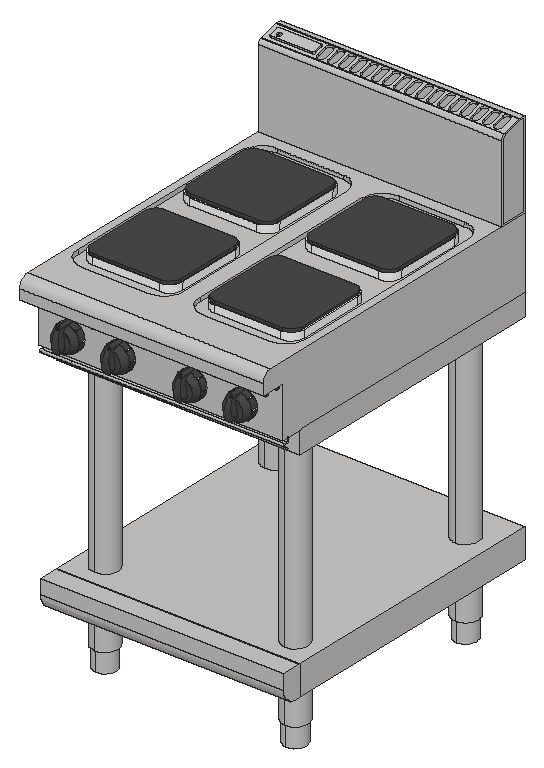
Revit family "QF_Moffat_RN8400SE-LS_Electric_Cooktops_Sealed_Hobs_cat", category Specialty Equipment, Revit 2019 (continued)
Definition of nested family "High and Low Option"
  Lines and regions (mm)
    symbolic lines
      curve 27: spline (265.709, -25.991, 0) -> (266.049, -23.491, 0) -> (267.048, -21.162, 0) -> (268.637, -19.161, 0) -> (270.709, -17.626, 0) -> (273.12, -16.661, 0) -> (275.709, -16.332, 0) -> (278.297, -16.661, 0) -> (280.709, -17.626, 0) -> (282.78, -19.161, 0) -> (284.369, -21.162, 0) -> (285.368, -23.491, 0) -> (285.709, -25.991, 0)
      curve 28: line (285.709, -25.991, 0) -> (285.709, -50.251, 0)
      curve 29: spline (285.709, -50.251, 0) -> (285.368, -52.751, 0) -> (284.369, -55.081, 0) -> (282.78, -57.081, 0) -> (280.709, -58.616, 0) -> (278.297, -59.581, 0) -> (275.709, -59.91, 0) -> (273.12, -59.581, 0) -> (270.709, -58.616, 0) -> (268.637, -57.081, 0) -> (267.048, -55.081, 0) -> (266.049, -52.751, 0) -> (265.709, -50.251, 0)
      curve 30: line (292.989, -50.251, 0) -> (292.989, -25.991, 0)
      curve 31: spline (292.989, -25.991, 0) -> (293.329, -23.491, 0) -> (294.329, -21.162, 0) -> (295.918, -19.161, 0) -> (297.989, -17.626, 0) -> (300.401, -16.661, 0) -> (302.989, -16.332, 0) -> (305.577, -16.661, 0) -> (307.989, -17.626, 0) -> (310.06, -19.161, 0) -> (311.649, -21.162, 0) -> (312.648, -23.491, 0) -> (312.989, -25.991, 0)
      curve 32: line (312.989, -25.991, 0) -> (312.989, -50.251, 0)
      curve 33: spline (312.989, -50.251, 0) -> (312.648, -52.751, 0) -> (311.649, -55.081, 0) -> (310.06, -57.081, 0) -> (307.989, -58.616, 0) -> (305.577, -59.581, 0) -> (302.989, -59.91, 0) -> (300.401, -59.581, 0) -> (297.989, -58.616, 0) -> (295.918, -57.081, 0) -> (294.329, -55.081, 0) -> (293.329, -52.751, 0) -> (292.989, -50.251, 0)
      curve 34: line (320.269, -50.251, 0) -> (320.269, -25.991, 0)
      curve 35: spline (320.269, -25.991, 0) -> (320.61, -23.491, 0) -> (321.609, -21.162, 0) -> (323.198, -19.161, 0) -> (325.269, -17.626, 0) -> (327.681, -16.661, 0) -> (330.269, -16.332, 0) -> (332.857, -16.661, 0) -> (335.269, -17.626, 0) -> (337.34, -19.161, 0) -> (338.929, -21.162, 0) -> (339.928, -23.491, 0) -> (340.269, -25.991, 0)
      curve 36: line (340.269, -25.991, 0) -> (340.269, -50.251, 0)
      curve 37: spline (340.269, -50.251, 0) -> (339.928, -52.751, 0) -> (338.929, -55.081, 0) -> (337.34, -57.081, 0) -> (335.269, -58.616, 0) -> (332.857, -59.581, 0) -> (330.269, -59.91, 0) -> (327.681, -59.581, 0) -> (325.269, -58.616, 0) -> (323.198, -57.081, 0) -> (321.609, -55.081, 0) -> (320.61, -52.751, 0) -> (320.269, -50.251, 0)
      curve 38: line (347.549, -50.251, 0) -> (347.549, -25.991, 0)
      curve 39: spline (347.549, -25.991, 0) -> (347.89, -23.491, 0) -> (348.889, -21.162, 0) -> (350.478, -19.161, 0) -> (352.549, -17.626, 0) -> (354.961, -16.661, 0) -> (357.549, -16.332, 0) -> (360.137, -16.661, 0) -> (362.549, -17.626, 0) -> (364.62, -19.161, 0) -> (366.209, -21.162, 0) -> (367.208, -23.491, 0) -> (367.549, -25.991, 0)
      curve 40: line (367.549, -25.991, 0) -> (367.549, -50.251, 0)
      curve 41: spline (367.549, -50.251, 0) -> (367.208, -52.751, 0) -> (366.209, -55.081, 0) -> (364.62, -57.081, 0) -> (362.549, -58.616, 0) -> (360.137, -59.581, 0) -> (357.549, -59.91, 0) -> (354.961, -59.581, 0) -> (352.549, -58.616, 0) -> (350.478, -57.081, 0) -> (348.889, -55.081, 0) -> (347.89, -52.751, 0) -> (347.549, -50.251, 0)
      curve 42: line (374.829, -50.251, 0) -> (374.829, -25.991, 0)
      curve 43: spline (374.829, -25.991, 0) -> (375.17, -23.491, 0) -> (376.169, -21.162, 0) -> (377.758, -19.161, 0) -> (379.829, -17.626, 0) -> (382.241, -16.661, 0) -> (384.829, -16.332, 0) -> (387.418, -16.661, 0) -> (389.829, -17.626, 0) -> (391.9, -19.161, 0) -> (393.49, -21.162, 0) -> (394.489, -23.491, 0) -> (394.829, -25.991, 0)
      curve 44: line (394.829, -25.991, 0) -> (394.829, -50.251, 0)
      curve 45: spline (394.829, -50.251, 0) -> (394.489, -52.751, 0) -> (393.49, -55.081, 0) -> (391.9, -57.081, 0) -> (389.829, -58.616, 0) -> (387.418, -59.581, 0) -> (384.829, -59.91, 0) -> (382.241, -59.581, 0) -> (379.829, -58.616, 0) -> (377.758, -57.081, 0) -> (376.169, -55.081, 0) -> (375.17, -52.751, 0) -> (374.829, -50.251, 0)
      curve 46: line (402.11, -50.251, 0) -> (402.11, -25.991, 0)
      curve 47: spline (402.11, -25.991, 0) -> (402.45, -23.491, 0) -> (403.449, -21.162, 0) -> (405.039, -19.161, 0) -> (407.11, -17.626, 0) -> (409.521, -16.661, 0) -> (412.11, -16.332, 0) -> (414.698, -16.661, 0) -> (417.11, -17.626, 0) -> (419.181, -19.161, 0) -> (420.77, -21.162, 0) -> (421.769, -23.491, 0) -> (422.11, -25.991, 0)
      curve 48: line (422.11, -25.991, 0) -> (422.11, -50.251, 0)
      curve 49: spline (422.11, -50.251, 0) -> (421.769, -52.751, 0) -> (420.77, -55.081, 0) -> (419.181, -57.081, 0) -> (417.11, -58.616, 0) -> (414.698, -59.581, 0) -> (412.11, -59.91, 0) -> (409.521, -59.581, 0) -> (407.11, -58.616, 0) -> (405.039, -57.081, 0) -> (403.449, -55.081, 0) -> (402.45, -52.751, 0) -> (402.11, -50.251, 0)
      curve 50: line (429.39, -50.251, 0) -> (429.39, -25.991, 0)
      curve 51: spline (429.39, -25.991, 0) -> (429.731, -23.491, 0) -> (430.73, -21.162, 0) -> (432.319, -19.161, 0) -> (434.39, -17.626, 0) -> (436.802, -16.661, 0) -> (439.39, -16.332, 0) -> (441.978, -16.661, 0) -> (444.39, -17.626, 0) -> (446.461, -19.161, 0) -> (448.05, -21.162, 0) -> (449.049, -23.491, 0) -> (449.39, -25.991, 0)
      curve 52: line (449.39, -25.991, 0) -> (449.39, -50.251, 0)
      curve 53: spline (449.39, -50.251, 0) -> (449.049, -52.751, 0) -> (448.05, -55.081, 0) -> (446.461, -57.081, 0) -> (444.39, -58.616, 0) -> (441.978, -59.581, 0) -> (439.39, -59.91, 0) -> (436.802, -59.581, 0) -> (434.39, -58.616, 0) -> (432.319, -57.081, 0) -> (430.73, -55.081, 0) -> (429.731, -52.751, 0) -> (429.39, -50.251, 0)
      curve 54: line (456.67, -50.251, 0) -> (456.67, -25.991, 0)
      curve 55: spline (456.67, -25.991, 0) -> (457.011, -23.491, 0) -> (458.01, -21.162, 0) -> (459.599, -19.161, 0) -> (461.67, -17.626, 0) -> (464.082, -16.661, 0) -> (466.67, -16.332, 0) -> (469.258, -16.661, 0) -> (471.67, -17.626, 0) -> (473.741, -19.161, 0) -> (475.33, -21.162, 0) -> (476.329, -23.491, 0) -> (476.67, -25.991, 0)
      curve 56: line (476.67, -25.991, 0) -> (476.67, -50.251, 0)
      curve 57: spline (476.67, -50.251, 0) -> (476.329, -52.751, 0) -> (475.33, -55.081, 0) -> (473.741, -57.081, 0) -> (471.67, -58.616, 0) -> (469.258, -59.581, 0) -> (466.67, -59.91, 0) -> (464.082, -59.581, 0) -> (461.67, -58.616, 0) -> (459.599, -57.081, 0) -> (458.01, -55.081, 0) -> (457.011, -52.751, 0) -> (456.67, -50.251, 0)
      curve 58: line (483.95, -50.251, 0) -> (483.95, -25.991, 0)
      curve 59: spline (483.95, -25.991, 0) -> (484.291, -23.491, 0) -> (485.29, -21.162, 0) -> (486.879, -19.161, 0) -> (488.95, -17.626, 0) -> (491.362, -16.661, 0) -> (493.95, -16.332, 0) -> (496.538, -16.661, 0) -> (498.95, -17.626, 0) -> (501.021, -19.161, 0) -> (502.61, -21.162, 0) -> (503.609, -23.491, 0) -> (503.95, -25.991, 0)
      curve 60: line (503.95, -25.991, 0) -> (503.95, -50.251, 0)
      curve 61: spline (503.95, -50.251, 0) -> (503.609, -52.751, 0) -> (502.61, -55.081, 0) -> (501.021, -57.081, 0) -> (498.95, -58.616, 0) -> (496.538, -59.581, 0) -> (493.95, -59.91, 0) -> (491.362, -59.581, 0) -> (488.95, -58.616, 0) -> (486.879, -57.081, 0) -> (485.29, -55.081, 0) -> (484.291, -52.751, 0) -> (483.95, -50.251, 0)
      curve 62: line (511.23, -50.251, 0) -> (511.23, -25.991, 0)
      curve 63: spline (511.23, -25.991, 0) -> (511.571, -23.491, 0) -> (512.57, -21.162, 0) -> (514.159, -19.161, 0) -> (516.23, -17.626, 0) -> (518.642, -16.661, 0) -> (521.23, -16.332, 0) -> (523.819, -16.661, 0) -> (526.23, -17.626, 0) -> (528.302, -19.161, 0) -> (529.891, -21.162, 0) -> (530.89, -23.491, 0) -> (531.23, -25.991, 0)
      curve 64: line (531.23, -25.991, 0) -> (531.23, -50.251, 0)
      curve 65: spline (531.23, -50.251, 0) -> (530.89, -52.751, 0) -> (529.891, -55.081, 0) -> (528.302, -57.081, 0) -> (526.23, -58.616, 0) -> (523.819, -59.581, 0) -> (521.23, -59.91, 0) -> (518.642, -59.581, 0) -> (516.23, -58.616, 0) -> (514.159, -57.081, 0) -> (512.57, -55.081, 0) -> (511.571, -52.751, 0) -> (511.23, -50.251, 0)
      curve 66: line (538.511, -50.251, 0) -> (538.511, -25.991, 0)
      curve 67: spline (538.511, -25.991, 0) -> (538.851, -23.491, 0) -> (539.85, -21.162, 0) -> (541.44, -19.161, 0) -> (543.511, -17.626, 0) -> (545.922, -16.661, 0) -> (548.511, -16.332, 0) -> (551.099, -16.661, 0) -> (553.511, -17.626, 0) -> (555.582, -19.161, 0) -> (557.171, -21.162, 0) -> (558.17, -23.491, 0) -> (558.511, -25.991, 0)
      curve 68: line (558.511, -25.991, 0) -> (558.511, -50.251, 0)
      curve 69: spline (558.511, -50.251, 0) -> (558.17, -52.751, 0) -> (557.171, -55.081, 0) -> (555.582, -57.081, 0) -> (553.511, -58.616, 0) -> (551.099, -59.581, 0) -> (548.511, -59.91, 0) -> (545.922, -59.581, 0) -> (543.511, -58.616, 0) -> (541.44, -57.081, 0) -> (539.85, -55.081, 0) -> (538.851, -52.751, 0) -> (538.511, -50.251, 0)
      curve 70: line (565.791, -50.251, 0) -> (565.791, -25.991, 0)
      curve 71: spline (565.791, -25.991, 0) -> (566.132, -23.491, 0) -> (567.131, -21.162, 0) -> (568.72, -19.161, 0) -> (570.791, -17.626, 0) -> (573.203, -16.661, 0) -> (575.791, -16.332, 0) -> (578.379, -16.661, 0) -> (580.791, -17.626, 0) -> (582.862, -19.161, 0) -> (584.451, -21.162, 0) -> (585.45, -23.491, 0) -> (585.791, -25.991, 0)
      curve 72: line (585.791, -25.991, 0) -> (585.791, -50.251, 0)
      curve 73: spline (585.791, -50.251, 0) -> (585.45, -52.751, 0) -> (584.451, -55.081, 0) -> (582.862, -57.081, 0) -> (580.791, -58.616, 0) -> (578.379, -59.581, 0) -> (575.791, -59.91, 0) -> (573.203, -59.581, 0) -> (570.791, -58.616, 0) -> (568.72, -57.081, 0) -> (567.131, -55.081, 0) -> (566.132, -52.751, 0) -> (565.791, -50.251, 0)
      curve 146: line (0, 0, 0) -> (600, 0, 0)
      curve 147: line (0, -70, 0) -> (0, 0, 0)
      curve 148: line (600, -70, 0) -> (0, -70, 0)
      curve 149: line (600, 0, 0) -> (600, -70, 0)
    symbolic lines, not visible
      curve 74: line (0, 0, 0) -> (600, 0, 0)
      curve 75: line (0, -70, 0) -> (0, 0, 0)
      curve 76: line (600, -70, 0) -> (0, -70, 0)
      curve 77: line (600, 0, 0) -> (600, -70, 0)
      curve 78: line (129.307, -50.251, 0) -> (129.307, -25.991, 0)
      curve 79: spline (129.307, -25.991, 0) -> (129.648, -23.491, 0) -> (130.647, -21.162, 0) -> (132.236, -19.161, 0) -> (134.307, -17.626, 0) -> (136.719, -16.661, 0) -> (139.307, -16.332, 0) -> (141.896, -16.661, 0) -> (144.307, -17.626, 0) -> (146.379, -19.161, 0) -> (147.968, -21.162, 0) -> (148.967, -23.491, 0) -> (149.307, -25.991, 0)
      curve 80: line (149.307, -25.991, 0) -> (149.307, -50.251, 0)
      curve 81: spline (149.307, -50.251, 0) -> (148.967, -52.751, 0) -> (147.968, -55.081, 0) -> (146.379, -57.081, 0) -> (144.307, -58.616, 0) -> (141.896, -59.581, 0) -> (139.307, -59.91, 0) -> (136.719, -59.581, 0) -> (134.307, -58.616, 0) -> (132.236, -57.081, 0) -> (130.647, -55.081, 0) -> (129.648, -52.751, 0) -> (129.307, -50.251, 0)
      curve 82: line (156.588, -50.251, 0) -> (156.588, -25.991, 0)
      curve 83: spline (156.588, -25.991, 0) -> (156.928, -23.491, 0) -> (157.927, -21.162, 0) -> (159.517, -19.161, 0) -> (161.588, -17.626, 0) -> (164, -16.661, 0) -> (166.588, -16.332, 0) -> (169.176, -16.661, 0) -> (171.588, -17.626, 0) -> (173.659, -19.161, 0) -> (175.248, -21.162, 0) -> (176.247, -23.491, 0) -> (176.588, -25.991, 0)
      curve 84: line (176.588, -25.991, 0) -> (176.588, -50.251, 0)
      curve 85: spline (176.588, -50.251, 0) -> (176.247, -52.751, 0) -> (175.248, -55.081, 0) -> (173.659, -57.081, 0) -> (171.588, -58.616, 0) -> (169.176, -59.581, 0) -> (166.588, -59.91, 0) -> (164, -59.581, 0) -> (161.588, -58.616, 0) -> (159.517, -57.081, 0) -> (157.927, -55.081, 0) -> (156.928, -52.751, 0) -> (156.588, -50.251, 0)
      curve 86: line (183.868, -50.251, 0) -> (183.868, -25.991, 0)
      curve 87: spline (183.868, -25.991, 0) -> (184.209, -23.491, 0) -> (185.208, -21.162, 0) -> (186.797, -19.161, 0) -> (188.868, -17.626, 0) -> (191.28, -16.661, 0) -> (193.868, -16.332, 0) -> (196.456, -16.661, 0) -> (198.868, -17.626, 0) -> (200.939, -19.161, 0) -> (202.528, -21.162, 0) -> (203.527, -23.491, 0) -> (203.868, -25.991, 0)
      curve 88: line (203.868, -25.991, 0) -> (203.868, -50.251, 0)
      curve 89: spline (203.868, -50.251, 0) -> (203.527, -52.751, 0) -> (202.528, -55.081, 0) -> (200.939, -57.081, 0) -> (198.868, -58.616, 0) -> (196.456, -59.581, 0) -> (193.868, -59.91, 0) -> (191.28, -59.581, 0) -> (188.868, -58.616, 0) -> (186.797, -57.081, 0) -> (185.208, -55.081, 0) -> (184.209, -52.751, 0) -> (183.868, -50.251, 0)
      curve 90: line (211.148, -50.251, 0) -> (211.148, -25.991, 0)
      curve 91: spline (211.148, -25.991, 0) -> (211.489, -23.491, 0) -> (212.488, -21.162, 0) -> (214.077, -19.161, 0) -> (216.148, -17.626, 0) -> (218.56, -16.661, 0) -> (221.148, -16.332, 0) -> (223.736, -16.661, 0) -> (226.148, -17.626, 0) -> (228.219, -19.161, 0) -> (229.808, -21.162, 0) -> (230.807, -23.491, 0) -> (231.148, -25.991, 0)
      curve 92: line (231.148, -25.991, 0) -> (231.148, -50.251, 0)
      curve 93: spline (231.148, -50.251, 0) -> (230.807, -52.751, 0) -> (229.808, -55.081, 0) -> (228.219, -57.081, 0) -> (226.148, -58.616, 0) -> (223.736, -59.581, 0) -> (221.148, -59.91, 0) -> (218.56, -59.581, 0) -> (216.148, -58.616, 0) -> (214.077, -57.081, 0) -> (212.488, -55.081, 0) -> (211.489, -52.751, 0) -> (211.148, -50.251, 0)
      curve 94: line (238.428, -50.251, 0) -> (238.428, -25.991, 0)
      curve 95: spline (238.428, -25.991, 0) -> (238.769, -23.491, 0) -> (239.768, -21.162, 0) -> (241.357, -19.161, 0) -> (243.428, -17.626, 0) -> (245.84, -16.661, 0) -> (248.428, -16.332, 0) -> (251.017, -16.661, 0) -> (253.428, -17.626, 0) -> (255.499, -19.161, 0) -> (257.089, -21.162, 0) -> (258.088, -23.491, 0) -> (258.428, -25.991, 0)
      curve 96: line (258.428, -25.991, 0) -> (258.428, -50.251, 0)
      curve 97: spline (258.428, -50.251, 0) -> (258.088, -52.751, 0) -> (257.089, -55.081, 0) -> (255.499, -57.081, 0) -> (253.428, -58.616, 0) -> (251.017, -59.581, 0) -> (248.428, -59.91, 0) -> (245.84, -59.581, 0) -> (243.428, -58.616, 0) -> (241.357, -57.081, 0) -> (239.768, -55.081, 0) -> (238.769, -52.751, 0) -> (238.428, -50.251, 0)
      curve 98: line (265.709, -50.251, 0) -> (265.709, -25.991, 0)
      curve 99: spline (265.709, -25.991, 0) -> (266.049, -23.491, 0) -> (267.048, -21.162, 0) -> (268.637, -19.161, 0) -> (270.709, -17.626, 0) -> (273.12, -16.661, 0) -> (275.709, -16.332, 0) -> (278.297, -16.661, 0) -> (280.709, -17.626, 0) -> (282.78, -19.161, 0) -> (284.369, -21.162, 0) -> (285.368, -23.491, 0) -> (285.709, -25.991, 0)
      curve 100: line (285.709, -25.991, 0) -> (285.709, -50.251, 0)
      curve 101: spline (285.709, -50.251, 0) -> (285.368, -52.751, 0) -> (284.369, -55.081, 0) -> (282.78, -57.081, 0) -> (280.709, -58.616, 0) -> (278.297, -59.581, 0) -> (275.709, -59.91, 0) -> (273.12, -59.581, 0) -> (270.709, -58.616, 0) -> (268.637, -57.081, 0) -> (267.048, -55.081, 0) -> (266.049, -52.751, 0) -> (265.709, -50.251, 0)
      curve 102: line (292.989, -50.251, 0) -> (292.989, -25.991, 0)
      curve 103: spline (292.989, -25.991, 0) -> (293.329, -23.491, 0) -> (294.329, -21.162, 0) -> (295.918, -19.161, 0) -> (297.989, -17.626, 0) -> (300.401, -16.661, 0) -> (302.989, -16.332, 0) -> (305.577, -16.661, 0) -> (307.989, -17.626, 0) -> (310.06, -19.161, 0) -> (311.649, -21.162, 0) -> (312.648, -23.491, 0) -> (312.989, -25.991, 0)
      curve 104: line (312.989, -25.991, 0) -> (312.989, -50.251, 0)
      curve 105: spline (312.989, -50.251, 0) -> (312.648, -52.751, 0) -> (311.649, -55.081, 0) -> (310.06, -57.081, 0) -> (307.989, -58.616, 0) -> (305.577, -59.581, 0) -> (302.989, -59.91, 0) -> (300.401, -59.581, 0) -> (297.989, -58.616, 0) -> (295.918, -57.081, 0) -> (294.329, -55.081, 0) -> (293.329, -52.751, 0) -> (292.989, -50.251, 0)
      curve 106: line (320.269, -50.251, 0) -> (320.269, -25.991, 0)
      curve 107: spline (320.269, -25.991, 0) -> (320.61, -23.491, 0) -> (321.609, -21.162, 0) -> (323.198, -19.161, 0) -> (325.269, -17.626, 0) -> (327.681, -16.661, 0) -> (330.269, -16.332, 0) -> (332.857, -16.661, 0) -> (335.269, -17.626, 0) -> (337.34, -19.161, 0) -> (338.929, -21.162, 0) -> (339.928, -23.491, 0) -> (340.269, -25.991, 0)
      curve 108: line (340.269, -25.991, 0) -> (340.269, -50.251, 0)
      curve 109: spline (340.269, -50.251, 0) -> (339.928, -52.751, 0) -> (338.929, -55.081, 0) -> (337.34, -57.081, 0) -> (335.269, -58.616, 0) -> (332.857, -59.581, 0) -> (330.269, -59.91, 0) -> (327.681, -59.581, 0) -> (325.269, -58.616, 0) -> (323.198, -57.081, 0) -> (321.609, -55.081, 0) -> (320.61, -52.751, 0) -> (320.269, -50.251, 0)
      curve 110: line (347.549, -50.251, 0) -> (347.549, -25.991, 0)
      curve 111: spline (347.549, -25.991, 0) -> (347.89, -23.491, 0) -> (348.889, -21.162, 0) -> (350.478, -19.161, 0) -> (352.549, -17.626, 0) -> (354.961, -16.661, 0) -> (357.549, -16.332, 0) -> (360.137, -16.661, 0) -> (362.549, -17.626, 0) -> (364.62, -19.161, 0) -> (366.209, -21.162, 0) -> (367.208, -23.491, 0) -> (367.549, -25.991, 0)
      curve 112: line (367.549, -25.991, 0) -> (367.549, -50.251, 0)
      curve 113: spline (367.549, -50.251, 0) -> (367.208, -52.751, 0) -> (366.209, -55.081, 0) -> (364.62, -57.081, 0) -> (362.549, -58.616, 0) -> (360.137, -59.581, 0) -> (357.549, -59.91, 0) -> (354.961, -59.581, 0) -> (352.549, -58.616, 0) -> (350.478, -57.081, 0) -> (348.889, -55.081, 0) -> (347.89, -52.751, 0) -> (347.549, -50.251, 0)
      curve 114: line (374.829, -50.251, 0) -> (374.829, -25.991, 0)
      curve 115: spline (374.829, -25.991, 0) -> (375.17, -23.491, 0) -> (376.169, -21.162, 0) -> (377.758, -19.161, 0) -> (379.829, -17.626, 0) -> (382.241, -16.661, 0) -> (384.829, -16.332, 0) -> (387.418, -16.661, 0) -> (389.829, -17.626, 0) -> (391.9, -19.161, 0) -> (393.49, -21.162, 0) -> (394.489, -23.491, 0) -> (394.829, -25.991, 0)
      curve 116: line (394.829, -25.991, 0) -> (394.829, -50.251, 0)
      curve 117: spline (394.829, -50.251, 0) -> (394.489, -52.751, 0) -> (393.49, -55.081, 0) -> (391.9, -57.081, 0) -> (389.829, -58.616, 0) -> (387.418, -59.581, 0) -> (384.829, -59.91, 0) -> (382.241, -59.581, 0) -> (379.829, -58.616, 0) -> (377.758, -57.081, 0) -> (376.169, -55.081, 0) -> (375.17, -52.751, 0) -> (374.829, -50.251, 0)
      curve 118: line (402.11, -50.251, 0) -> (402.11, -25.991, 0)
      curve 119: spline (402.11, -25.991, 0) -> (402.45, -23.491, 0) -> (403.449, -21.162, 0) -> (405.039, -19.161, 0) -> (407.11, -17.626, 0) -> (409.521, -16.661, 0) -> (412.11, -16.332, 0) -> (414.698, -16.661, 0) -> (417.11, -17.626, 0) -> (419.181, -19.161, 0) -> (420.77, -21.162, 0) -> (421.769, -23.491, 0) -> (422.11, -25.991, 0)
      curve 120: line (422.11, -25.991, 0) -> (422.11, -50.251, 0)
      curve 121: spline (422.11, -50.251, 0) -> (421.769, -52.751, 0) -> (420.77, -55.081, 0) -> (419.181, -57.081, 0) -> (417.11, -58.616, 0) -> (414.698, -59.581, 0) -> (412.11, -59.91, 0) -> (409.521, -59.581, 0) -> (407.11, -58.616, 0) -> (405.039, -57.081, 0) -> (403.449, -55.081, 0) -> (402.45, -52.751, 0) -> (402.11, -50.251, 0)
      curve 122: line (429.39, -50.251, 0) -> (429.39, -25.991, 0)
      curve 123: spline (429.39, -25.991, 0) -> (429.731, -23.491, 0) -> (430.73, -21.162, 0) -> (432.319, -19.161, 0) -> (434.39, -17.626, 0) -> (436.802, -16.661, 0) -> (439.39, -16.332, 0) -> (441.978, -16.661, 0) -> (444.39, -17.626, 0) -> (446.461, -19.161, 0) -> (448.05, -21.162, 0) -> (449.049, -23.491, 0) -> (449.39, -25.991, 0)
      curve 124: line (449.39, -25.991, 0) -> (449.39, -50.251, 0)
      curve 125: spline (449.39, -50.251, 0) -> (449.049, -52.751, 0) -> (448.05, -55.081, 0) -> (446.461, -57.081, 0) -> (444.39, -58.616, 0) -> (441.978, -59.581, 0) -> (439.39, -59.91, 0) -> (436.802, -59.581, 0) -> (434.39, -58.616, 0) -> (432.319, -57.081, 0) -> (430.73, -55.081, 0) -> (429.731, -52.751, 0) -> (429.39, -50.251, 0)
      curve 126: line (456.67, -50.251, 0) -> (456.67, -25.991, 0)
      curve 127: spline (456.67, -25.991, 0) -> (457.011, -23.491, 0) -> (458.01, -21.162, 0) -> (459.599, -19.161, 0) -> (461.67, -17.626, 0) -> (464.082, -16.661, 0) -> (466.67, -16.332, 0) -> (469.258, -16.661, 0) -> (471.67, -17.626, 0) -> (473.741, -19.161, 0) -> (475.33, -21.162, 0) -> (476.329, -23.491, 0) -> (476.67, -25.991, 0)
      curve 128: line (476.67, -25.991, 0) -> (476.67, -50.251, 0)
      curve 129: spline (476.67, -50.251, 0) -> (476.329, -52.751, 0) -> (475.33, -55.081, 0) -> (473.741, -57.081, 0) -> (471.67, -58.616, 0) -> (469.258, -59.581, 0) -> (466.67, -59.91, 0) -> (464.082, -59.581, 0) -> (461.67, -58.616, 0) -> (459.599, -57.081, 0) -> (458.01, -55.081, 0) -> (457.011, -52.751, 0) -> (456.67, -50.251, 0)
      curve 130: line (483.95, -50.251, 0) -> (483.95, -25.991, 0)
      curve 131: spline (483.95, -25.991, 0) -> (484.291, -23.491, 0) -> (485.29, -21.162, 0) -> (486.879, -19.161, 0) -> (488.95, -17.626, 0) -> (491.362, -16.661, 0) -> (493.95, -16.332, 0) -> (496.538, -16.661, 0) -> (498.95, -17.626, 0) -> (501.021, -19.161, 0) -> (502.61, -21.162, 0) -> (503.609, -23.491, 0) -> (503.95, -25.991, 0)
      curve 132: line (503.95, -25.991, 0) -> (503.95, -50.251, 0)
      curve 133: spline (503.95, -50.251, 0) -> (503.609, -52.751, 0) -> (502.61, -55.081, 0) -> (501.021, -57.081, 0) -> (498.95, -58.616, 0) -> (496.538, -59.581, 0) -> (493.95, -59.91, 0) -> (491.362, -59.581, 0) -> (488.95, -58.616, 0) -> (486.879, -57.081, 0) -> (485.29, -55.081, 0) -> (484.291, -52.751, 0) -> (483.95, -50.251, 0)
      curve 134: line (511.23, -50.251, 0) -> (511.23, -25.991, 0)
      curve 135: spline (511.23, -25.991, 0) -> (511.571, -23.491, 0) -> (512.57, -21.162, 0) -> (514.159, -19.161, 0) -> (516.23, -17.626, 0) -> (518.642, -16.661, 0) -> (521.23, -16.332, 0) -> (523.819, -16.661, 0) -> (526.23, -17.626, 0) -> (528.302, -19.161, 0) -> (529.891, -21.162, 0) -> (530.89, -23.491, 0) -> (531.23, -25.991, 0)
      curve 136: line (531.23, -25.991, 0) -> (531.23, -50.251, 0)
      curve 137: spline (531.23, -50.251, 0) -> (530.89, -52.751, 0) -> (529.891, -55.081, 0) -> (528.302, -57.081, 0) -> (526.23, -58.616, 0) -> (523.819, -59.581, 0) -> (521.23, -59.91, 0) -> (518.642, -59.581, 0) -> (516.23, -58.616, 0) -> (514.159, -57.081, 0) -> (512.57, -55.081, 0) -> (511.571, -52.751, 0) -> (511.23, -50.251, 0)
      curve 138: line (538.511, -50.251, 0) -> (538.511, -25.991, 0)
      curve 139: spline (538.511, -25.991, 0) -> (538.851, -23.491, 0) -> (539.85, -21.162, 0) -> (541.44, -19.161, 0) -> (543.511, -17.626, 0) -> (545.922, -16.661, 0) -> (548.511, -16.332, 0) -> (551.099, -16.661, 0) -> (553.511, -17.626, 0) -> (555.582, -19.161, 0) -> (557.171, -21.162, 0) -> (558.17, -23.491, 0) -> (558.511, -25.991, 0)
      curve 140: line (558.511, -25.991, 0) -> (558.511, -50.251, 0)
      curve 141: spline (558.511, -50.251, 0) -> (558.17, -52.751, 0) -> (557.171, -55.081, 0) -> (555.582, -57.081, 0) -> (553.511, -58.616, 0) -> (551.099, -59.581, 0) -> (548.511, -59.91, 0) -> (545.922, -59.581, 0) -> (543.511, -58.616, 0) -> (541.44, -57.081, 0) -> (539.85, -55.081, 0) -> (538.851, -52.751, 0) -> (538.511, -50.251, 0)
      curve 142: line (565.791, -50.251, 0) -> (565.791, -25.991, 0)
      curve 143: spline (565.791, -25.991, 0) -> (566.132, -23.491, 0) -> (567.131, -21.162, 0) -> (568.72, -19.161, 0) -> (570.791, -17.626, 0) -> (573.203, -16.661, 0) -> (575.791, -16.332, 0) -> (578.379, -16.661, 0) -> (580.791, -17.626, 0) -> (582.862, -19.161, 0) -> (584.451, -21.162, 0) -> (585.45, -23.491, 0) -> (585.791, -25.991, 0)
      curve 144: line (585.791, -25.991, 0) -> (585.791, -50.251, 0)
      curve 145: spline (585.791, -50.251, 0) -> (585.45, -52.751, 0) -> (584.451, -55.081, 0) -> (582.862, -57.081, 0) -> (580.791, -58.616, 0) -> (578.379, -59.581, 0) -> (575.791, -59.91, 0) -> (573.203, -59.581, 0) -> (570.791, -58.616, 0) -> (568.72, -57.081, 0) -> (567.131, -55.081, 0) -> (566.132, -52.751, 0) -> (565.791, -50.251, 0)
      curve 150: line (0, 0, 0) -> (600, 0, 0)
      curve 151: line (0, -70, 0) -> (0, 0, 0)
      curve 152: line (600, -70, 0) -> (0, -70, 0)
      curve 153: line (600, 0, 0) -> (600, -70, 0)
  Dimensions and locks
    equal spacing: plane 3 "LEFT", plane 7 "Center Y", plane 4 "RIGHT"
    "Length": plane 3 "LEFT" to plane 4 "RIGHT"
    equal spacing: plane 5 "FRONT", plane 8 "Center X", plane 1 "BACK"
    "Depth": plane 5 "FRONT" to plane 1 "BACK"
    "Height": plane 6 "TOP" to level
    plane 4 "RIGHT" to plane 3 "LEFT" = 600 mm
    plane 1 "BACK" to plane 5 "FRONT" = 805 mm
    plane 9 to plane 10 = 769 mm
    plane 12 to plane 2 = 675 mm
    plane 6 "TOP" to level = 970 mm
    plane 13 to level = 1130 mm
    plane 13 to plane 15 = 215 mm
    aligned and locked: level to plane 2
  Automatic sketch dimensions
    Extrusion 2 sketch curve to Extrusion 2 sketch curve = 11.8 mm
    Extrusion 2 sketch curve to Extrusion 2 sketch curve = 2.248 mm
    Extrusion 2 sketch curve to Extrusion 2 sketch curve = 63.6 mm
    Extrusion 2 sketch curve to Extrusion 2 sketch curve = 3.2 mm  (x5)
    plane 1 "BACK" to curve 1 = 71.587 mm
    curve 1 to plane 6 "TOP" = 46.75 mm
    curve 1 to curve 1 = 23 mm
    Extrusion 2 sketch curve to Extrusion 2 sketch curve = 187.855 mm
    Extrusion 7 sketch curve to Extrusion 7 sketch curve = 11.8 mm
    Extrusion 7 sketch curve to Extrusion 7 sketch curve = 2.248 mm
    Extrusion 7 sketch curve to Extrusion 7 sketch curve = 63.6 mm
    Extrusion 7 sketch curve to Extrusion 7 sketch curve = 3.2 mm  (x5)
    Extrusion 7 sketch curve to Extrusion 7 sketch curve = 187.855 mm
    curve 2 to curve 6 = 129.307 mm
    curve 6 to curve 8 = 20 mm
    curve 8 to curve 10 = 7.28 mm
    curve 10 to curve 12 = 20 mm
    curve 12 to curve 14 = 7.28 mm
    curve 14 to curve 16 = 20 mm
    curve 16 to curve 18 = 7.28 mm
    curve 18 to curve 20 = 20 mm
    curve 20 to curve 22 = 7.28 mm
    curve 22 to curve 24 = 20 mm
    curve 24 to curve 26 = 7.28 mm
    curve 29 to curve 28 = 20 mm
    curve 27 to curve 30 = 7.28 mm
    curve 30 to curve 32 = 20 mm
    curve 33 to curve 34 = 7.28 mm
    curve 34 to curve 36 = 20 mm
    curve 37 to curve 38 = 7.28 mm
    curve 41 to curve 40 = 20 mm
    curve 41 to curve 42 = 7.28 mm
    curve 45 to curve 44 = 20 mm
    curve 45 to curve 46 = 7.28 mm
    curve 46 to curve 48 = 20 mm
    curve 49 to curve 50 = 7.28 mm
    curve 50 to curve 52 = 20 mm
    curve 53 to curve 54 = 7.28 mm
    curve 57 to curve 56 = 20 mm
    curve 57 to curve 58 = 7.28 mm
    curve 58 to curve 60 = 20 mm
    curve 61 to curve 62 = 7.28 mm
    curve 62 to curve 64 = 20 mm
    curve 65 to curve 66 = 7.28 mm
    curve 66 to curve 68 = 20 mm
    curve 69 to curve 70 = 7.28 mm
    curve 70 to curve 72 = 20 mm
    curve 3 to curve 6 = 19.749 mm
    curve 8 to curve 10 = 0 mm
    curve 12 to curve 14 = 0 mm
    curve 16 to curve 18 = 0 mm
    curve 20 to curve 22 = 0 mm
    curve 24 to curve 26 = 0 mm
    curve 29 to curve 30 = 0 mm
    curve 33 to curve 34 = 0 mm
    curve 37 to curve 38 = 0 mm
    curve 68 to curve 70 = 0 mm  (x2)
    curve 41 to curve 42 = 0 mm
    curve 64 to curve 69 = 0 mm
    curve 45 to curve 46 = 0 mm
    curve 60 to curve 65 = 0 mm
    curve 49 to curve 50 = 0 mm
    curve 56 to curve 58 = 0 mm  (x2)
    curve 52 to curve 52 = 24.26 mm
    curve 52 to curve 54 = 0 mm
    curve 48 to curve 51 = 0 mm
    curve 44 to curve 47 = 0 mm
    curve 59 to curve 62 = 0 mm
    curve 40 to curve 43 = 0 mm
    curve 64 to curve 66 = 0 mm
    curve 36 to curve 39 = 0 mm
    curve 32 to curve 35 = 0 mm
    curve 28 to curve 31 = 0 mm
    curve 24 to curve 27 = 0 mm
    curve 20 to curve 23 = 0 mm
    curve 16 to curve 19 = 0 mm
    curve 12 to curve 15 = 0 mm
    curve 8 to curve 11 = 0 mm
    curve 3 to curve 3 = 70 mm
    Extrusion 5 sketch curve to Extrusion 5 sketch curve = 11.379 mm  (x2)
    Extrusion 5 sketch curve to Extrusion 5 sketch curve = 0 mm  (x26)
    Extrusion 5 sketch curve to Extrusion 5 sketch curve = 25.116 mm  (x6)
    Extrusion 5 sketch curve to Extrusion 5 sketch curve = 47.732 mm
    Extrusion 5 sketch curve to Extrusion 5 sketch curve = 129.307 mm
    Extrusion 5 sketch curve to Extrusion 5 sketch curve = 10 mm  (x17)
    Extrusion 5 sketch curve to Extrusion 5 sketch curve = 7.28 mm  (x16)
    Extrusion 5 sketch curve to Extrusion 5 sketch curve = 14.209 mm
    curve 72 to curve 2 = 14.209 mm
    curve 72 to curve 71 = 24.26 mm
    curve 74 to curve 78 = 129.307 mm
    curve 78 to curve 80 = 20 mm
    curve 80 to curve 82 = 7.28 mm
    curve 82 to curve 84 = 20 mm
    curve 84 to curve 86 = 7.28 mm
    curve 86 to curve 88 = 20 mm
    curve 88 to curve 90 = 7.28 mm
    curve 90 to curve 92 = 20 mm
    curve 92 to curve 94 = 7.28 mm
    curve 94 to curve 96 = 20 mm
    curve 96 to curve 98 = 7.28 mm
    curve 101 to curve 100 = 20 mm
    curve 99 to curve 102 = 7.28 mm
    curve 102 to curve 104 = 20 mm
    curve 105 to curve 106 = 7.28 mm
    curve 106 to curve 108 = 20 mm
    curve 109 to curve 110 = 7.28 mm
    curve 113 to curve 112 = 20 mm
    curve 113 to curve 114 = 7.28 mm
    curve 117 to curve 116 = 20 mm
    curve 117 to curve 118 = 7.28 mm
    curve 118 to curve 120 = 20 mm
    curve 121 to curve 122 = 7.28 mm
    curve 122 to curve 124 = 20 mm
    curve 125 to curve 126 = 7.28 mm
    curve 129 to curve 128 = 20 mm
    curve 129 to curve 130 = 7.28 mm
    curve 130 to curve 132 = 20 mm
    curve 133 to curve 134 = 7.28 mm
    curve 134 to curve 136 = 20 mm
    curve 137 to curve 138 = 7.28 mm
    curve 138 to curve 140 = 20 mm
    curve 141 to curve 142 = 7.28 mm
    curve 142 to curve 144 = 20 mm
    curve 75 to curve 78 = 19.749 mm
    curve 80 to curve 82 = 0 mm
    curve 84 to curve 86 = 0 mm
    curve 88 to curve 90 = 0 mm
    curve 92 to curve 94 = 0 mm
    curve 96 to curve 98 = 0 mm
    curve 101 to curve 102 = 0 mm
    curve 105 to curve 106 = 0 mm
    curve 109 to curve 110 = 0 mm
    curve 140 to curve 142 = 0 mm  (x2)
    curve 113 to curve 114 = 0 mm
    curve 136 to curve 141 = 0 mm
    curve 117 to curve 118 = 0 mm
    curve 132 to curve 137 = 0 mm
    curve 121 to curve 122 = 0 mm
    curve 128 to curve 130 = 0 mm  (x2)
    curve 124 to curve 124 = 24.26 mm
    curve 124 to curve 126 = 0 mm
    curve 120 to curve 123 = 0 mm
    curve 116 to curve 119 = 0 mm
    curve 131 to curve 134 = 0 mm
    curve 112 to curve 115 = 0 mm
    curve 136 to curve 138 = 0 mm
    curve 108 to curve 111 = 0 mm
    curve 104 to curve 107 = 0 mm
    curve 100 to curve 103 = 0 mm
    curve 96 to curve 99 = 0 mm
    curve 92 to curve 95 = 0 mm
    curve 88 to curve 91 = 0 mm
    curve 84 to curve 87 = 0 mm
    curve 80 to curve 83 = 0 mm
    curve 75 to curve 75 = 70 mm
    Extrusion 10 sketch curve to Extrusion 10 sketch curve = 11.379 mm  (x2)
    Extrusion 10 sketch curve to Extrusion 10 sketch curve = 0 mm  (x26)
    Extrusion 10 sketch curve to Extrusion 10 sketch curve = 25.116 mm  (x6)
    Extrusion 10 sketch curve to Extrusion 10 sketch curve = 47.732 mm
    Extrusion 10 sketch curve to Extrusion 10 sketch curve = 129.307 mm
    Extrusion 10 sketch curve to Extrusion 10 sketch curve = 10 mm  (x17)
    Extrusion 10 sketch curve to Extrusion 10 sketch curve = 7.28 mm  (x16)
    Extrusion 10 sketch curve to Extrusion 10 sketch curve = 14.209 mm
    curve 144 to curve 74 = 14.209 mm
    curve 144 to curve 143 = 24.26 mm
    curve 147 to curve 148 = 600 mm
    curve 147 to curve 147 = 70 mm
    curve 151 to curve 152 = 600 mm
    curve 151 to curve 151 = 70 mm
    Extrusion 1 sketch curve to Extrusion 1 sketch curve = 15 mm
    Extrusion 1 sketch curve to Extrusion 1 sketch curve = 55 mm  (x2)
    Extrusion 1 sketch curve to Extrusion 1 sketch curve = 40 mm
    Extrusion 6 sketch curve to Extrusion 6 sketch curve = 15 mm
    Extrusion 6 sketch curve to Extrusion 6 sketch curve = 55 mm  (x2)
    Extrusion 6 sketch curve to Extrusion 6 sketch curve = 40 mm
    Extrusion 4 sketch curve to Extrusion 4 sketch curve = 6.522 mm
    Extrusion 4 sketch curve to Extrusion 4 sketch curve = 8.8 mm
    Extrusion 4 sketch curve to Extrusion 4 sketch curve = 46.135 mm
    Extrusion 4 sketch curve to Extrusion 4 sketch curve = 63.6 mm
    Extrusion 4 sketch curve to Extrusion 4 sketch curve = 12.362 mm
    Extrusion 4 sketch curve to Extrusion 4 sketch curve = 187.738 mm
    Extrusion 3 sketch curve to Extrusion 3 sketch curve = 63.6 mm
    Extrusion 3 sketch curve to Extrusion 3 sketch curve = 187.855 mm
    Extrusion 3 sketch curve to Extrusion 3 sketch curve = 6.522 mm
    Extrusion 3 sketch curve to Extrusion 3 sketch curve = 2.278 mm
    Extrusion 3 sketch curve to Extrusion 3 sketch curve = 10.943 mm
    Extrusion 3 sketch curve to Extrusion 3 sketch curve = 0.117 mm
    Extrusion 3 sketch curve to Extrusion 3 sketch curve = 12.362 mm
    Extrusion 2 sketch curve to Extrusion 2 sketch curve = 5.694 mm
    Extrusion 2 sketch curve to Extrusion 2 sketch curve = 8.8 mm
    Extrusion 2 sketch curve to Extrusion 2 sketch curve = 0.857 mm
    Extrusion 2 sketch curve to Extrusion 2 sketch curve = 9.154 mm
    Extrusion 2 sketch curve to Extrusion 2 sketch curve = 0.117 mm
    Extrusion 2 sketch curve to Extrusion 2 sketch curve = 0 mm
    Extrusion 9 sketch curve to Extrusion 9 sketch curve = 6.522 mm
    Extrusion 9 sketch curve to Extrusion 9 sketch curve = 8.8 mm
    Extrusion 9 sketch curve to Extrusion 9 sketch curve = 46.135 mm
    Extrusion 9 sketch curve to Extrusion 9 sketch curve = 63.6 mm
    Extrusion 9 sketch curve to Extrusion 9 sketch curve = 12.362 mm
    Extrusion 9 sketch curve to Extrusion 9 sketch curve = 187.738 mm
    Extrusion 8 sketch curve to Extrusion 8 sketch curve = 63.6 mm
    Extrusion 8 sketch curve to Extrusion 8 sketch curve = 187.855 mm
    Extrusion 8 sketch curve to Extrusion 8 sketch curve = 6.522 mm
    Extrusion 8 sketch curve to Extrusion 8 sketch curve = 2.278 mm
    Extrusion 8 sketch curve to Extrusion 8 sketch curve = 10.943 mm
    Extrusion 8 sketch curve to Extrusion 8 sketch curve = 0.117 mm
    Extrusion 8 sketch curve to Extrusion 8 sketch curve = 12.362 mm
    Extrusion 7 sketch curve to Extrusion 7 sketch curve = 5.694 mm
    Extrusion 7 sketch curve to Extrusion 7 sketch curve = 8.8 mm
    Extrusion 7 sketch curve to Extrusion 7 sketch curve = 0.857 mm
    Extrusion 7 sketch curve to Extrusion 7 sketch curve = 9.154 mm
    Extrusion 7 sketch curve to Extrusion 7 sketch curve = 0.117 mm
    Extrusion 7 sketch curve to Extrusion 7 sketch curve = 0 mm
  Nested families
    nested 1: "QF_LOGO_Waldorf" at (32, -70, 923.25), visible <- "Show Logo 1", type "QF_LOGO_Waldorf"
    nested 2: "QF_LOGO_Waldorf1" at (12.5, -38.053, 1110.468), visible <- "Show Logo 2", type "QF_LOGO_Waldorf1"
    nested 3: "QF_LOGO_Waldorf" at (32, -70, 923.25), visible <- "Show Logo 1", type "QF_LOGO_Waldorf", not visible
    nested 4: "QF_LOGO_Waldorf1" at (12.5, -38.053, 1110.468), visible <- "Show Logo 2", type "QF_LOGO_Waldorf1", not visible
  Definition of nested family "QF_LOGO_Waldorf"
    Parameters (values of type "QF_LOGO_Waldorf")
      Weight in Pounds = 0
      URL Cutsheet = ""
      Specification by User = ""
      Specification by Manufacturer = ""
      Serial Number = ""
      Seismic Rating = ""
      SMACNA No = ""
      Revision Code = ""
      NAFEM Spec ID Number = ""
      Masterspec = ""
      Length = 138 mm
      Item Number = ""
      Installed By = ""
      Identify Quantity as Lot = yes
      Height = 26.711 mm
      Furnished By = ""
      Foodservice Equipment Identifier = yes
      Depth = 3.175 mm
      CSI MasterFormat = ""
    Reference planes
      plane 1 "BACK": y = 0
      plane 2: z = 0
      plane 3 "LEFT": x = 0
      plane 4 "RIGHT": x = 138
      plane 5 "FRONT": y = -3.175
      plane 6 "TOP": z = 26.711
      plane 7 "Center Y": x = 69
      plane 8 "Center X": y = -1.587
    Forms (mm)
      Extrusion 1, solid
        sketch origin (0, 0, 0) x (1, 0, 0) y (0, 0, 1)
          loop
            line (109, 3.464) -> (109, 23.247)
            spline (109, 23.247) -> (108.966, 23.699) -> (108.864, 24.143) -> (108.696, 24.572) -> (108.464, 24.979) -> (108.173, 25.355) -> (107.828, 25.696) -> (107.435, 25.995) -> (107, 26.247) -> (106.531, 26.447) -> (106.035, 26.593) -> (105.522, 26.681) -> (105, 26.711)
            line (105, 26.711) -> (4, 26.711)
            spline (4, 26.711) -> (3.478, 26.681) -> (2.965, 26.593) -> (2.469, 26.447) -> (2, 26.247) -> (1.565, 25.995) -> (1.172, 25.696) -> (0.827, 25.355) -> (0.536, 24.979) -> (0.304, 24.572) -> (0.136, 24.143) -> (0.034, 23.699) -> (0, 23.247)
            line (0, 23.247) -> (0, 3.464)
            spline (0, 3.464) -> (0.034, 3.012) -> (0.136, 2.568) -> (0.304, 2.138) -> (0.536, 1.732) -> (0.827, 1.355) -> (1.172, 1.015) -> (1.565, 0.716) -> (2, 0.464) -> (2.469, 0.264) -> (2.965, 0.118) -> (3.478, 0.03) -> (4, 0)
            line (4, 0) -> (105, 0)
            spline (105, 0) -> (105.522, 0.03) -> (106.035, 0.118) -> (106.531, 0.264) -> (107, 0.464) -> (107.435, 0.716) -> (107.828, 1.015) -> (108.173, 1.355) -> (108.464, 1.732) -> (108.696, 2.138) -> (108.864, 2.568) -> (108.966, 3.012) -> (109, 3.464)
          loop
            line (14.75, 7.005) -> (14.75, 15.654)
            arc (14.75, 15.654) -> (10.425, 11.329) -> (14.75, 7.005) r 4.325
          loop
            line (15.25, 15.654) -> (15.25, 7.005)
            arc (15.25, 7.005) -> (19.575, 11.329) -> (15.25, 15.654) r 4.325
        from 0 to 3.2
      Extrusion 2, solid
        sketch origin (0, 0, 0) x (1, 0, 0) y (0, 0, 1)
          loop
            line (15.25, 15.654) -> (15.25, 7.005)
            arc (15.25, 7.005) -> (19.575, 11.329) -> (15.25, 15.654) r 4.325
        from 0 to 3.2
      Extrusion 3, solid
        sketch origin (16.271, 0, 0) x (-1, 0, 0) y (0, 0, -1)
          loop
            arc (1.521, -15.654) -> (5.846, -11.329) -> (1.521, -7.005) r 4.325
            line (1.521, -7.005) -> (1.521, -15.654)
        from 0 to 3.2
    Lines and regions (mm)
      Split face 1
        outline origin (0, -3.2, 0) x (1, 0, 0) y (0, 0, 1)
          loop
            spline (22.129, 16.975) -> (22.389, 15.984) -> (22.649, 15.002) -> (22.91, 14.028) -> (23.172, 13.065) -> (23.433, 12.11) -> (23.695, 11.166) -> (23.956, 10.232) -> (24.218, 9.308) -> (24.479, 8.396) -> (24.74, 7.495) -> (25, 6.605) -> (25.26, 5.728)
            line (25.26, 5.728) -> (29.463, 5.728)
            spline (29.463, 5.728) -> (29.582, 6.252) -> (29.701, 6.78) -> (29.82, 7.313) -> (29.939, 7.85) -> (30.058, 8.391) -> (30.178, 8.936) -> (30.297, 9.485) -> (30.416, 10.038) -> (30.536, 10.594) -> (30.655, 11.155) -> (30.775, 11.719) -> (30.894, 12.287)
            spline (30.894, 12.287) -> (31.018, 11.719) -> (31.142, 11.155) -> (31.266, 10.594) -> (31.39, 10.038) -> (31.514, 9.485) -> (31.638, 8.936) -> (31.762, 8.391) -> (31.885, 7.85) -> (32.009, 7.313) -> (32.133, 6.78) -> (32.256, 6.252) -> (32.379, 5.728)
            line (32.379, 5.728) -> (36.51, 5.728)
            spline (36.51, 5.728) -> (36.766, 6.605) -> (37.023, 7.495) -> (37.28, 8.396) -> (37.538, 9.308) -> (37.795, 10.232) -> (38.053, 11.166) -> (38.311, 12.11) -> (38.569, 13.065) -> (38.826, 14.028) -> (39.083, 15.002) -> (39.34, 15.984) -> (39.597, 16.975)
            line (39.597, 16.975) -> (35.637, 16.975)
            spline (35.637, 16.975) -> (35.523, 16.334) -> (35.41, 15.697) -> (35.296, 15.063) -> (35.182, 14.433) -> (35.068, 13.807) -> (34.954, 13.185) -> (34.84, 12.566) -> (34.726, 11.952) -> (34.612, 11.342) -> (34.497, 10.737) -> (34.383, 10.135) -> (34.269, 9.538)
            spline (34.269, 9.538) -> (34.138, 10.135) -> (34.008, 10.737) -> (33.877, 11.342) -> (33.746, 11.952) -> (33.616, 12.566) -> (33.485, 13.185) -> (33.354, 13.807) -> (33.224, 14.433) -> (33.093, 15.063) -> (32.963, 15.697) -> (32.833, 16.334) -> (32.703, 16.975)
            line (32.703, 16.975) -> (29.247, 16.975)
            spline (29.247, 16.975) -> (29.111, 16.334) -> (28.974, 15.697) -> (28.837, 15.063) -> (28.7, 14.433) -> (28.562, 13.807) -> (28.425, 13.185) -> (28.288, 12.566) -> (28.15, 11.952) -> (28.013, 11.342) -> (27.875, 10.737) -> (27.738, 10.135) -> (27.6, 9.538)
            spline (27.6, 9.538) -> (27.483, 10.135) -> (27.366, 10.737) -> (27.249, 11.342) -> (27.132, 11.952) -> (27.015, 12.566) -> (26.897, 13.185) -> (26.78, 13.807) -> (26.663, 14.433) -> (26.546, 15.063) -> (26.43, 15.697) -> (26.313, 16.334) -> (26.196, 16.975)
            line (26.196, 16.975) -> (22.129, 16.975)
      Split face 2
        outline origin (0, -3.2, 0) x (1, 0, 0) y (0, 0, 1)
          loop
            line (51.449, 5.728) -> (51.035, 6.606) -> (51.035, 11.169)
            spline (51.035, 11.169) -> (50.686, 12.42) -> (50.176, 13.224) -> (49.51, 13.708) -> (48.693, 13.995) -> (47.747, 14.152) -> (46.698, 14.207) -> (45.579, 14.186) -> (44.419, 14.114) -> (43.279, 13.929) -> (42.249, 13.481) -> (41.424, 12.614) -> (40.897, 11.169)
            line (40.897, 11.169) -> (44.617, 11.169) -> (44.988, 11.965)
            spline (44.988, 11.965) -> (47.294, 11.682) -> (46.856, 10.932) -> (45.527, 10.609) -> (43.858, 10.439) -> (42.259, 10.123) -> (41.078, 9.417) -> (40.563, 8.246) -> (40.689, 6.989) -> (41.407, 6.052) -> (42.774, 5.536) -> (44.847, 5.497) -> (47.306, 6.602)
            line (47.306, 6.602) -> (47.624, 5.728) -> (51.449, 5.728)
      Split face 3
        outline origin (0, -3.2, 0) x (1, 0, 0) y (0, 0, 1)
          loop
            line (47.264, 9.264) -> (44.938, 8.597)
            spline (44.938, 8.597) -> (44.508, 8.228) -> (44.402, 7.9) -> (44.548, 7.626) -> (44.877, 7.42) -> (45.317, 7.295) -> (45.797, 7.265) -> (46.252, 7.342) -> (46.65, 7.525) -> (46.971, 7.813) -> (47.194, 8.201) -> (47.298, 8.685) -> (47.264, 9.264)
      Split face 4
        outline origin (0, -3.2, 0) x (1, 0, 0) y (0, 0, 1)
          loop
            line (53.33, 16.975) -> (53.33, 5.728) -> (57.173, 5.728) -> (57.173, 16.975) -> (53.33, 16.975)
      Split face 5
        outline origin (0, -3.2, 0) x (1, 0, 0) y (0, 0, 1)
          loop
            line (65.795, 16.975) -> (65.795, 12.976)
            spline (65.795, 12.976) -> (63.839, 14.082) -> (62.087, 14.096) -> (60.633, 13.343) -> (59.574, 12.148) -> (58.99, 10.806) -> (58.867, 9.452) -> (59.156, 8.159) -> (59.81, 7) -> (60.786, 6.056) -> (62.111, 5.514) -> (63.868, 5.634) -> (66.137, 6.679)
            line (66.137, 6.679) -> (66.137, 5.728) -> (69.511, 5.728) -> (69.511, 16.975) -> (65.795, 16.975)
      Split face 6
        outline origin (0, -3.2, 0) x (1, 0, 0) y (0, 0, 1)
          loop
            spline (64.273, 7.499) -> (64.754, 7.57) -> (65.202, 7.777) -> (65.587, 8.106) -> (65.882, 8.535) -> (66.067, 9.034) -> (66.131, 9.57) -> (66.067, 10.106) -> (65.882, 10.605) -> (65.587, 11.034) -> (65.202, 11.363) -> (64.754, 11.57) -> (64.273, 11.64)
            spline (64.273, 11.64) -> (63.793, 11.57) -> (63.345, 11.363) -> (62.96, 11.034) -> (62.665, 10.605) -> (62.479, 10.106) -> (62.416, 9.57) -> (62.479, 9.034) -> (62.665, 8.535) -> (62.96, 8.106) -> (63.345, 7.777) -> (63.793, 7.57) -> (64.273, 7.499)
      Split face 7
        outline origin (0, -3.2, 0) x (1, 0, 0) y (0, 0, 1)
          loop
            spline (76.449, 5.305) -> (77.855, 5.457) -> (79.166, 5.901) -> (80.291, 6.607) -> (81.155, 7.527) -> (81.698, 8.599) -> (81.883, 9.749) -> (81.698, 10.899) -> (81.155, 11.97) -> (80.291, 12.891) -> (79.166, 13.597) -> (77.855, 14.041) -> (76.449, 14.192)
            spline (76.449, 14.192) -> (75.042, 14.041) -> (73.731, 13.597) -> (72.606, 12.891) -> (71.742, 11.97) -> (71.199, 10.899) -> (71.014, 9.749) -> (71.199, 8.599) -> (71.742, 7.527) -> (72.606, 6.607) -> (73.731, 5.901) -> (75.042, 5.457) -> (76.449, 5.305)
      Split face 8
        outline origin (0, -3.2, 0) x (1, 0, 0) y (0, 0, 1)
          loop
            spline (76.449, 7.654) -> (76.841, 7.725) -> (77.206, 7.934) -> (77.52, 8.267) -> (77.76, 8.701) -> (77.912, 9.206) -> (77.963, 9.749) -> (77.912, 10.291) -> (77.76, 10.796) -> (77.52, 11.23) -> (77.206, 11.563) -> (76.841, 11.772) -> (76.449, 11.843)
            spline (76.449, 11.843) -> (76.057, 11.772) -> (75.691, 11.563) -> (75.378, 11.23) -> (75.137, 10.796) -> (74.986, 10.291) -> (74.934, 9.749) -> (74.986, 9.206) -> (75.137, 8.701) -> (75.378, 8.267) -> (75.691, 7.934) -> (76.057, 7.725) -> (76.449, 7.654)
      Split face 9
        outline origin (0, -3.2, 0) x (1, 0, 0) y (0, 0, 1)
          loop
            line (86.998, 12.335) -> (86.998, 13.879) -> (83.479, 13.879) -> (83.479, 5.728) -> (87.312, 5.728) -> (87.312, 8.975)
            spline (87.312, 8.975) -> (87.364, 9.356) -> (87.458, 9.686) -> (87.594, 9.968) -> (87.769, 10.204) -> (87.982, 10.398) -> (88.229, 10.55) -> (88.509, 10.666) -> (88.82, 10.746) -> (89.16, 10.794) -> (89.525, 10.812) -> (89.915, 10.803) -> (90.327, 10.77)
            line (90.327, 10.77) -> (90.327, 14.113)
            spline (90.327, 14.113) -> (89.929, 14.127) -> (89.552, 14.111) -> (89.197, 14.066) -> (88.865, 13.991) -> (88.554, 13.887) -> (88.266, 13.754) -> (87.999, 13.591) -> (87.755, 13.399) -> (87.532, 13.177) -> (87.332, 12.926) -> (87.154, 12.645) -> (86.998, 12.335)
      Split face 10
        outline origin (0, -3.2, 0) x (1, 0, 0) y (0, 0, 1)
          loop
            line (92.082, 13.879) -> (90.894, 13.879) -> (90.894, 11.972) -> (92.082, 11.972) -> (92.082, 5.728) -> (95.871, 5.728) -> (95.871, 11.972) -> (97.5, 11.972) -> (97.5, 13.879) -> (95.871, 13.879)
            spline (95.871, 13.879) -> (95.843, 14.088) -> (95.845, 14.278) -> (95.877, 14.447) -> (95.939, 14.596) -> (96.03, 14.726) -> (96.151, 14.835) -> (96.301, 14.925) -> (96.482, 14.995) -> (96.692, 15.045) -> (96.931, 15.075) -> (97.201, 15.085) -> (97.5, 15.076)
            line (97.5, 15.076) -> (97.5, 17.266) -> (95.367, 17.266)
            spline (95.367, 17.266) -> (94.982, 17.253) -> (94.58, 17.21) -> (94.174, 17.132) -> (93.774, 17.013) -> (93.39, 16.846) -> (93.034, 16.627) -> (92.717, 16.349) -> (92.448, 16.007) -> (92.24, 15.595) -> (92.102, 15.106) -> (92.046, 14.537) -> (92.082, 13.879)
    Dimensions and locks
      equal spacing: plane 3 "LEFT", plane 7 "Center Y", plane 4 "RIGHT"
      "Length": plane 3 "LEFT" to plane 4 "RIGHT"
      equal spacing: plane 5 "FRONT", plane 8 "Center X", plane 1 "BACK"
      "Depth": plane 5 "FRONT" to plane 1 "BACK"
      "Height": plane 6 "TOP" to level
      plane 4 "RIGHT" to plane 3 "LEFT" = 138 mm
      aligned and locked: level to plane 2
    Automatic sketch dimensions
      Extrusion 1 sketch curve to plane 3 "LEFT" = 0 mm
      Extrusion 1 sketch curve to plane 6 "TOP" = 0 mm
      Extrusion 1 sketch curve to level = 0 mm
      plane 3 "LEFT" to Extrusion 1 sketch curve = 4 mm  (x2)
      Extrusion 1 sketch curve to Extrusion 1 sketch curve = 10.75 mm
      Extrusion 1 sketch curve to Extrusion 1 sketch curve = 0.5 mm
      plane 4 "RIGHT" to Extrusion 1 sketch curve = 33 mm
      Extrusion 1 sketch curve to Extrusion 1 sketch curve = 0 mm  (x3)
      Extrusion 1 sketch curve to Extrusion 1 sketch curve = 4 mm
      level to Extrusion 1 sketch curve = 3.464 mm  (x2)
      level to Extrusion 1 sketch curve = 7.005 mm
      Extrusion 1 sketch curve to Extrusion 1 sketch curve = 4.325 mm
      Extrusion 1 sketch curve to plane 6 "TOP" = 3.464 mm  (x2)
      Extrusion 2 sketch curve to Extrusion 2 sketch curve = 4.325 mm
      level to Extrusion 2 sketch curve = 7.005 mm
      plane 3 "LEFT" to Extrusion 2 sketch curve = 15.25 mm
      Extrusion 3 sketch curve to Extrusion 3 sketch curve = 4.325 mm
      Extrusion 3 sketch curve to level = 7.005 mm
      Extrusion 3 sketch curve to plane 3 "LEFT" = 14.75 mm
      Extrusion 1 to Split face 1 sketch curve = 6.879 mm
      Split face 1 sketch curve to Extrusion 1 = 5.728 mm
      Split face 1 sketch curve to Split face 1 sketch curve = 3.132 mm
      Split face 1 sketch curve to Split face 1 sketch curve = 4.068 mm
      Split face 1 sketch curve to Split face 1 sketch curve = 3.051 mm
      Split face 1 sketch curve to Split face 1 sketch curve = 4.203 mm
      Split face 1 sketch curve to Split face 1 sketch curve = 2.916 mm
      Split face 1 sketch curve to Split face 1 sketch curve = 3.456 mm
      Split face 1 sketch curve to Split face 1 sketch curve = 2.934 mm
      Split face 1 sketch curve to Split face 1 sketch curve = 4.131 mm
      Split face 1 sketch curve to Split face 1 sketch curve = 3.96 mm
      Split face 1 sketch curve to Split face 1 sketch curve = 0 mm  (x2)
      Split face 1 sketch curve to Extrusion 1 = 9.736 mm  (x2)
      Extrusion 1 to Split face 1 sketch curve = 6.337 mm
      Extrusion 1 to Split face 1 sketch curve = 6.231 mm
      Extrusion 1 to Split face 1 sketch curve = 3.184 mm
      Extrusion 1 to Split face 1 sketch curve = 13.135 mm
      Split face 1 sketch curve to Split face 1 sketch curve = 4.652 mm
      Split face 1 sketch curve to Split face 1 sketch curve = 3.593 mm
      Split face 1 sketch curve to Split face 1 sketch curve = 1.863 mm
      Split face 1 sketch curve to Split face 1 sketch curve = 0.713 mm
      Split face 1 sketch curve to Split face 1 sketch curve = 2.684 mm
      Split face 1 sketch curve to Split face 1 sketch curve = 3.294 mm
      Split face 1 sketch curve to Split face 1 sketch curve = 0.459 mm
      Split face 1 sketch curve to Split face 1 sketch curve = 2.775 mm
      Split face 1 sketch curve to Split face 1 sketch curve = 1.89 mm
      Split face 1 sketch curve to Split face 1 sketch curve = 0.685 mm
      Split face 1 sketch curve to Split face 1 sketch curve = 9.486 mm
      Split face 1 sketch curve to Split face 1 sketch curve = 16.213 mm
      Split face 1 sketch curve to Split face 1 sketch curve = 3.48 mm
      Split face 1 sketch curve to Split face 1 sketch curve = 4.918 mm
      Split face 1 sketch curve to Split face 1 sketch curve = 7.609 mm
      Split face 1 sketch curve to Split face 1 sketch curve = 0.01 mm  (x2)
      Split face 1 sketch curve to Split face 1 sketch curve = 0.002 mm
      Split face 2 sketch curve to Extrusion 1 = 11.169 mm
      Extrusion 1 to Split face 2 sketch curve = 25.647 mm
      Split face 2 sketch curve to Split face 2 sketch curve = 3.72 mm
      Split face 2 sketch curve to Extrusion 1 = 11.965 mm
      Split face 2 sketch curve to Split face 2 sketch curve = 0.371 mm
      Split face 2 sketch curve to Extrusion 1 = 6.602 mm
      Split face 2 sketch curve to Split face 2 sketch curve = 2.689 mm
      Split face 2 sketch curve to Split face 2 sketch curve = 0.318 mm
      Split face 2 sketch curve to Split face 2 sketch curve = 3.729 mm
      Split face 2 sketch curve to Split face 2 sketch curve = 0.414 mm
      Split face 2 sketch curve to Split face 2 sketch curve = 0.875 mm
      Split face 2 sketch curve to Split face 2 sketch curve = 0.878 mm
      Split face 3 sketch curve to Extrusion 1 = 8.597 mm
      Extrusion 1 to Split face 3 sketch curve = 29.688 mm
      Split face 3 sketch curve to Extrusion 1 = 9.264 mm
      Split face 3 sketch curve to Split face 3 sketch curve = 2.326 mm
      Split face 4 sketch curve to Extrusion 1 = 5.728 mm
      Extrusion 1 to Split face 4 sketch curve = 38.08 mm
      Split face 4 sketch curve to Split face 4 sketch curve = 3.843 mm
      Split face 4 sketch curve to Extrusion 1 = 9.736 mm
      Split face 5 sketch curve to Extrusion 1 = 12.976 mm
      Split face 5 sketch curve to Extrusion 1 = 43.205 mm
      Split face 5 sketch curve to Extrusion 1 = 6.679 mm
      Split face 5 sketch curve to Split face 5 sketch curve = 0.342 mm
      Split face 5 sketch curve to Split face 5 sketch curve = 3.375 mm
      Split face 5 sketch curve to Split face 5 sketch curve = 0.952 mm
      Split face 5 sketch curve to Split face 5 sketch curve = 3.998 mm
      Split face 6 sketch curve to Extrusion 1 = 7.499 mm
      Split face 6 sketch curve to Extrusion 1 = 44.727 mm
      Split face 6 sketch curve to Split face 6 sketch curve = 2.07 mm
      Split face 7 sketch curve to Extrusion 1 = 5.305 mm
      Split face 7 sketch curve to Extrusion 1 = 32.551 mm
      Split face 7 sketch curve to Split face 7 sketch curve = 4.443 mm
      Split face 8 sketch curve to Split face 8 sketch curve = 2.095 mm
      Split face 8 sketch curve to Extrusion 1 = 7.654 mm
      Split face 8 sketch curve to Extrusion 1 = 32.551 mm
      Split face 9 sketch curve to Extrusion 1 = 5.728 mm
      Split face 9 sketch curve to Extrusion 1 = 25.521 mm
      Split face 9 sketch curve to Split face 9 sketch curve = 3.519 mm
      Split face 9 sketch curve to Split face 9 sketch curve = 0.315 mm
      Split face 9 sketch curve to Split face 9 sketch curve = 3.33 mm
      Split face 9 sketch curve to Split face 9 sketch curve = 3.248 mm
      Split face 9 sketch curve to Split face 9 sketch curve = 1.795 mm
      Split face 9 sketch curve to Split face 9 sketch curve = 3.36 mm
      Split face 9 sketch curve to Split face 9 sketch curve = 1.545 mm
      Split face 9 sketch curve to Split face 9 sketch curve = 0.233 mm
      Split face 10 sketch curve to Extrusion 1 = 18.106 mm
      Split face 10 sketch curve to Split face 10 sketch curve = 1.188 mm  (x2)
      Split face 10 sketch curve to Split face 10 sketch curve = 3.285 mm
      Split face 10 sketch curve to Split face 10 sketch curve = 3.789 mm
      Split face 10 sketch curve to Split face 10 sketch curve = 0 mm  (x2)
      Split face 10 sketch curve to Split face 10 sketch curve = 1.629 mm
      Split face 10 sketch curve to Split face 10 sketch curve = 2.133 mm
      Split face 10 sketch curve to Extrusion 1 = 5.728 mm
      Split face 10 sketch curve to Split face 10 sketch curve = 6.245 mm
      Split face 10 sketch curve to Split face 10 sketch curve = 1.907 mm  (x2)
      Split face 10 sketch curve to Split face 10 sketch curve = 1.197 mm
      Split face 10 sketch curve to Split face 10 sketch curve = 2.19 mm
  Definition of nested family "QF_LOGO_Waldorf1"
    Parameters (values of type "QF_LOGO_Waldorf1")
      Weight in Pounds = 0
      URL Cutsheet = ""
      Specification by User = ""
      Specification by Manufacturer = ""
      Serial Number = ""
      Seismic Rating = ""
      SMACNA No = ""
      Revision Code = ""
      NAFEM Spec ID Number = ""
      Masterspec = ""
      Length = 138 mm
      Item Number = ""
      Installed By = ""
      Identify Quantity as Lot = yes
      Height = 26.711 mm
      Furnished By = ""
      Foodservice Equipment Identifier = yes
      Depth = 3.175 mm
      CSI MasterFormat = ""
    Reference planes
      plane 1 "BACK": y = 0
      plane 2: z = 0
      plane 3 "LEFT": x = 0
      plane 4 "RIGHT": x = 138
      plane 5 "FRONT": y = -3.175
      plane 6 "TOP": z = 26.711
      plane 7 "Center Y": x = 69
      plane 8 "Center X": y = -1.587
